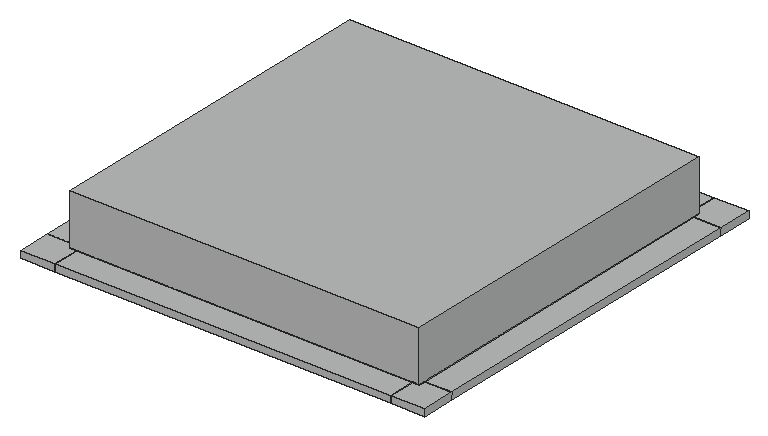
Revit family "ALUMOGIPS", category Осветительные приборы, Revit 2019 (continued)
Types (72, lengths in mm): name | Файл фотометрической сетки | built-in parameter 1150105 | Lumens | built-in parameter 1150106 | built-in parameter 1150142 | Wattage | Emit from Rectangle Width | Emit from Rectangle Length | Длина | Материал светильника | Ширина | ADSK_Ток | ADSK_Полная мощность | ADSK_Обозначение | ADSK_Номинальная мощность | ADSK_Наименование | ADSK_Масса | ADSK_Код изделия
  Alumogips-50/opal-sand 610х610 (IP54, 4000К, серый, грильято) | "Светильник ALUMOGIPS-50 OPAL-SAND-(610x610).IES" | 405.85 (stored number, unit not read) | 5100 lm | 4.0585 (stored number, unit not read) | "IESNA:LM-63-95\r\n[TEST] Протокол № 50-14\r\n[DATA] 15.06.2016\r\n[MORE] \r\n[MANUFAC] ЗАО \"Центрстройсвет\"\r\n[LUMCAT]  Светильник ALUMOGIPS-50/OPAL-SAND-(610x610)\r\n[LUMINAIRE]\r\n[LAMPCAT] Светодиоды\r\n[LAMP] Поток источника света (светодиодов) не известен\r\n[MORE] КСС приведена в абсолютных величинах кд\r\n[MORE] Вместо потока лампы, указан поток светильника.\r\nTILT=NONE\r\n1    5060 1.0 37 73 1 2 0.61 0.61 0.04\r\n1.0 1.0 50.3\r\n0.0 5.0 10.0 15.0 20.0 25.0 30.0 35.0 40.0 45.0 50.0 55.0 60.0 65.0 70.0 75.0 80.0 85.0 90.0 95.0 100.0 105.0 110.0 115.0 120.0 125.0 130.0 135.0 140.0 145.0 150.0 155.0 160.0 165.0 170.0 175.0 180.0\r\n0.0 5.0 10.0 15.0 20.0 25.0 30.0 35.0 40.0 45.0 50.0 55.0 60.0 65.0 70.0 75.0 80.0 85.0 90.0 95.0 100.0 105.0 110.0 115.0 120.0 125.0 130.0 135.0 140.0 145.0 150.0 155.0 160.0 165.0 170.0 175.0 180.0 185.0 190.0 195.0 200.0 205.0 210.0 215.0 220.0 225.0 230.0 235.0 240.0 245.0 250.0 255.0 260.0 265.0 270.0 275.0 280.0 285.0 290.0 295.0 300.0 305.0 310.0 315.0 320.0 325.0 330.0 335.0 340.0 345.0 350.0 355.0 360.0\r\n1887.5 1882.3 1843.4 1792.0 1724.0 1631.5 1531.1 1419.3 1293.7 1161.5 1026.7 886.8 740.0 595.0 455.2 319.9 194.6 81.1 4.9 0.0 0.0 0.0 0.0 0.0 0.0 0.0 0.0 0.0 0.0 0.0 0.0 0.0 0.0 0.0 0.0 0.0 0.0\r\n1887.5 1882.9 1846.0 1797.8 1725.1 1630.8 1538.9 1418.0 1289.1 1162.9 1024.5 883.4 740.5 598.7 455.8 320.4 195.7 82.0 5.0 0.0 0.0 0.0 0.0 0.0 0.0 0.0 0.0 0.0 0.0 0.0 0.0 0.0 0.0 0.0 0.0 0.0 0.0\r\n1887.5 1884.1 1849.8 1793.9 1724.1 1633.5 1538.1 1421.4 1298.2 1165.1 1027.4 885.2 742.6 599.8 457.4 322.3 197.1 83.7 5.4 0.0 0.0 0.0 0.0 0.0 0.0 0.0 0.0 0.0 0.0 0.0 0.0 0.0 0.0 0.0 0.0 0.0 0.0\r\n1887.5 1885.6 1850.0 1796.3 1725.8 1632.2 1533.7 1422.0 1295.8 1167.8 1030.8 886.1 743.6 597.9 459.5 322.2 196.9 83.7 5.4 0.0 0.0 0.0 0.0 0.0 0.0 0.0 0.0 0.0 0.0 0.0 0.0 0.0 0.0 0.0 0.0 0.0 0.0\r\n1887.5 1886.5 1849.9 1795.8 1721.4 1639.6 1534.8 1418.0 1296.4 1168.3 1027.2 886.6 744.0 600.2 457.7 323.1 197.0 84.2 5.3 0.0 0.0 0.0 0.0 0.0 0.0 0.0 0.0 0.0 0.0 0.0 0.0 0.0 0.0 0.0 0.0 0.0 0.0\r\n1887.5 1885.6 1848.0 1795.1 1728.2 1636.1 1537.7 1424.4 1296.7 1163.9 1028.1 885.4 746.1 599.2 456.9 323.0 198.1 84.6 6.1 0.0 0.0 0.0 0.0 0.0 0.0 0.0 0.0 0.0 0.0 0.0 0.0 0.0 0.0 0.0 0.0 0.0 0.0\r\n1887.5 1884.2 1849.8 1792.9 1722.3 1637.3 1537.3 1423.8 1299.0 1162.9 1028.1 889.2 746.4 599.2 458.6 325.2 198.7 85.0 6.5 0.0 0.0 0.0 0.0 0.0 0.0 0.0 0.0 0.0 0.0 0.0 0.0 0.0 0.0 0.0 0.0 0.0 0.0\r\n1887.5 1884.0 1850.9 1800.1 1725.4 1633.0 1534.3 1421.2 1294.0 1160.9 1028.3 886.0 747.4 600.7 459.7 325.6 199.2 86.0 6.2 0.0 0.0 0.0 0.0 0.0 0.0 0.0 0.0 0.0 0.0 0.0 0.0 0.0 0.0 0.0 0.0 0.0 0.0\r\n1887.5 1884.0 1850.4 1799.2 1722.9 1634.9 1528.6 1423.0 1298.2 1162.3 1032.0 888.7 743.9 600.7 461.8 326.2 199.2 86.6 6.1 0.0 0.0 0.0 0.0 0.0 0.0 0.0 0.0 0.0 0.0 0.0 0.0 0.0 0.0 0.0 0.0 0.0 0.0\r\n1887.5 1883.3 1848.8 1801.0 1723.6 1638.0 1538.5 1425.1 1297.5 1166.1 1029.5 886.1 746.3 605.4 461.8 326.3 201.2 87.0 6.2 0.0 0.0 0.0 0.0 0.0 0.0 0.0 0.0 0.0 0.0 0.0 0.0 0.0 0.0 0.0 0.0 0.0 0.0\r\n1887.5 1883.3 1850.6 1797.3 1725.8 1637.1 1533.1 1417.5 1298.3 1167.1 1027.2 888.0 746.2 603.2 463.6 327.0 201.7 88.1 6.5 0.0 0.0 0.0 0.0 0.0 0.0 0.0 0.0 0.0 0.0 0.0 0.0 0.0 0.0 0.0 0.0 0.0 0.0\r\n1887.5 1883.7 1849.0 1797.7 1720.9 1638.5 1535.3 1424.4 1299.6 1168.5 1035.4 889.6 749.8 603.4 465.3 328.4 201.8 88.8 7.0 0.0 0.0 0.0 0.0 0.0 0.0 0.0 0.0 0.0 0.0 0.0 0.0 0.0 0.0 0.0 0.0 0.0 0.0\r\n1887.5 1883.1 1852.7 1797.3 1728.6 1639.3 1538.4 1423.7 1303.2 1168.1 1029.2 892.4 748.1 605.8 464.0 329.6 202.9 89.8 7.0 0.0 0.0 0.0 0.0 0.0 0.0 0.0 0.0 0.0 0.0 0.0 0.0 0.0 0.0 0.0 0.0 0.0 0.0\r\n1887.5 1881.9 1853.7 1798.9 1724.8 1637.5 1543.5 1423.8 1299.9 1170.3 1024.3 891.2 751.8 607.8 466.0 330.6 204.5 90.0 7.3 0.0 0.0 0.0 0.0 0.0 0.0 0.0 0.0 0.0 0.0 0.0 0.0 0.0 0.0 0.0 0.0 0.0 0.0\r\n1887.5 1881.8 1854.7 1797.4 1729.6 1638.4 1538.7 1420.0 1302.3 1168.1 1034.9 892.9 749.2 609.3 467.3 330.5 205.3 90.4 7.7 0.0 0.0 0.0 0.0 0.0 0.0 0.0 0.0 0.0 0.0 0.0 0.0 0.0 0.0 0.0 0.0 0.0 0.0\r\n1887.5 1882.8 1852.5 1798.1 1725.4 1641.5 1535.9 1424.2 1305.0 1168.3 1036.9 895.1 752.7 610.0 468.0 330.8 206.4 91.1 7.9 0.0 0.0 0.0 0.0 0.0 0.0 0.0 0.0 0.0 0.0 0.0 0.0 0.0 0.0 0.0 0.0 0.0 0.0\r\n1887.5 1883.6 1853.4 1797.0 1722.9 1639.1 1537.8 1429.0 1302.2 1172.5 1035.6 896.5 751.3 608.9 469.2 331.4 207.3 92.2 8.2 0.0 0.0 0.0 0.0 0.0 0.0 0.0 0.0 0.0 0.0 0.0 0.0 0.0 0.0 0.0 0.0 0.0 0.0\r\n1887.5 1883.6 1850.7 1797.3 1726.9 1643.9 1542.2 1421.1 1302.3 1173.9 1036.7 893.3 752.7 610.7 470.3 331.8 207.5 92.8 8.4 0.0 0.0 0.0 0.0 0.0 0.0 0.0 0.0 0.0 0.0 0.0 0.0 0.0 0.0 0.0 0.0 0.0 0.0\r\n1887.5 1883.8 1850.5 1796.3 1728.7 1637.1 1539.6 1426.0 1310.2 1175.1 1036.5 895.8 754.0 609.7 469.6 332.7 208.2 93.1 8.5 0.0 0.0 0.0 0.0 0.0 0.0 0.0 0.0 0.0 0.0 0.0 0.0 0.0 0.0 0.0 0.0 0.0 0.0\r\n1887.5 1884.5 1848.7 1798.4 1728.4 1643.0 1541.1 1424.4 1306.1 1175.6 1035.2 895.7 753.2 610.0 470.1 333.6 209.0 93.8 8.7 0.0 0.0 0.0 0.0 0.0 0.0 0.0 0.0 0.0 0.0 0.0 0.0 0.0 0.0 0.0 0.0 0.0 0.0\r\n1887.5 1885.1 1846.5 1798.1 1728.3 1640.7 1538.4 1422.5 1302.2 1173.0 1035.2 900.5 754.9 610.9 470.6 333.2 208.6 94.1 8.3 0.0 0.0 0.0 0.0 0.0 0.0 0.0 0.0 0.0 0.0 0.0 0.0 0.0 0.0 0.0 0.0 0.0 0.0\r\n1887.5 1884.8 1851.0 1798.1 1730.2 1643.2 1541.6 1426.4 1303.3 1176.2 1035.7 896.2 754.5 612.8 472.6 334.1 209.1 94.5 8.3 0.0 0.0 0.0 0.0 0.0 0.0 0.0 0.0 0.0 0.0 0.0 0.0 0.0 0.0 0.0 0.0 0.0 0.0\r\n1887.5 1884.2 1851.7 1798.5 1729.5 1639.1 1536.0 1425.2 1302.7 1175.5 1036.5 898.0 758.2 612.7 468.9 335.3 208.8 94.8 9.1 0.0 0.0 0.0 0.0 0.0 0.0 0.0 0.0 0.0 0.0 0.0 0.0 0.0 0.0 0.0 0.0 0.0 0.0\r\n1887.5 1883.1 1853.9 1797.7 1724.9 1639.7 1541.8 1430.1 1304.9 1168.5 1037.8 897.4 754.1 610.4 472.0 334.6 209.1 95.3 8.8 0.0 0.0 0.0 0.0 0.0 0.0 0.0 0.0 0.0 0.0 0.0 0.0 0.0 0.0 0.0 0.0 0.0 0.0\r\n1887.5 1881.5 1850.2 1795.2 1729.7 1647.3 1540.3 1425.3 1308.1 1174.1 1040.2 896.3 755.4 612.5 470.5 335.6 209.7 95.4 8.7 0.0 0.0 0.0 0.0 0.0 0.0 0.0 0.0 0.0 0.0 0.0 0.0 0.0 0.0 0.0 0.0 0.0 0.0\r\n1887.5 1880.4 1847.4 1795.8 1726.1 1638.7 1541.7 1429.3 1302.6 1175.9 1038.5 897.9 751.3 611.6 471.1 335.6 209.6 95.3 9.2 0.0 0.0 0.0 0.0 0.0 0.0 0.0 0.0 0.0 0.0 0.0 0.0 0.0 0.0 0.0 0.0 0.0 0.0\r\n1887.5 1880.0 1850.3 1797.1 1726.4 1643.3 1536.0 1421.3 1303.6 1171.4 1038.6 895.9 755.7 612.4 470.9 336.2 208.7 95.8 9.1 0.0 0.0 0.0 0.0 0.0 0.0 0.0 0.0 0.0 0.0 0.0 0.0 0.0 0.0 0.0 0.0 0.0 0.0\r\n1887.5 1879.1 1850.7 1799.2 1725.1 1639.6 1536.4 1428.4 1302.2 1172.1 1033.4 895.3 754.1 612.8 470.7 335.5 209.1 96.7 9.0 0.0 0.0 0.0 0.0 0.0 0.0 0.0 0.0 0.0 0.0 0.0 0.0 0.0 0.0 0.0 0.0 0.0 0.0\r\n1887.5 1876.9 1845.6 1794.8 1724.8 1637.8 1537.7 1427.7 1305.4 1174.0 1036.9 896.0 755.2 613.5 471.4 337.3 209.9 96.1 9.4 0.0 0.0 0.0 0.0 0.0 0.0 0.0 0.0 0.0 0.0 0.0 0.0 0.0 0.0 0.0 0.0 0.0 0.0\r\n1887.5 1874.8 1849.0 1796.1 1725.5 1644.7 1539.3 1422.3 1296.7 1172.6 1036.6 895.8 752.9 610.2 470.9 336.1 209.8 95.5 9.5 0.0 0.0 0.0 0.0 0.0 0.0 0.0 0.0 0.0 0.0 0.0 0.0 0.0 0.0 0.0 0.0 0.0 0.0\r\n1887.5 1874.3 1850.7 1796.1 1722.3 1643.7 1535.4 1426.2 1297.3 1169.2 1033.9 896.5 756.1 608.4 469.6 336.8 208.8 95.7 9.0 0.0 0.0 0.0 0.0 0.0 0.0 0.0 0.0 0.0 0.0 0.0 0.0 0.0 0.0 0.0 0.0 0.0 0.0\r\n1887.5 1875.0 1847.6 1795.2 1726.0 1637.4 1538.8 1422.8 1302.3 1167.3 1031.4 892.2 753.9 609.3 470.2 335.4 209.4 95.6 9.2 0.0 0.0 0.0 0.0 0.0 0.0 0.0 0.0 0.0 0.0 0.0 0.0 0.0 0.0 0.0 0.0 0.0 0.0\r\n1887.5 1876.2 1846.7 1797.0 1722.9 1632.1 1531.8 1428.4 1297.9 1173.0 1032.8 893.5 750.3 609.2 468.7 334.5 208.8 95.2 9.5 0.0 0.0 0.0 0.0 0.0 0.0 0.0 0.0 0.0 0.0 0.0 0.0 0.0 0.0 0.0 0.0 0.0 0.0\r\n1887.5 1877.0 1845.0 1799.0 1728.3 1642.0 1532.1 1422.0 1297.5 1176.2 1034.8 896.4 752.7 609.9 470.0 333.7 209.6 95.2 9.1 0.0 0.0 0.0 0.0 0.0 0.0 0.0 0.0 0.0 0.0 0.0 0.0 0.0 0.0 0.0 0.0 0.0 0.0\r\n1887.5 1876.9 1842.6 1790.6 1724.9 1639.4 1536.1 1422.9 1304.1 1169.6 1035.5 895.3 751.4 609.1 469.0 332.6 209.1 95.1 9.2 0.0 0.0 0.0 0.0 0.0 0.0 0.0 0.0 0.0 0.0 0.0 0.0 0.0 0.0 0.0 0.0 0.0 0.0\r\n1887.5 1875.7 1845.4 1794.6 1719.6 1634.8 1535.6 1422.6 1301.8 1167.1 1036.6 892.0 752.3 605.8 469.0 332.7 209.1 93.9 9.3 0.0 0.0 0.0 0.0 0.0 0.0 0.0 0.0 0.0 0.0 0.0 0.0 0.0 0.0 0.0 0.0 0.0 0.0\r\n1887.5 1874.6 1846.6 1791.0 1719.4 1631.6 1534.3 1422.3 1303.5 1171.6 1032.3 893.0 750.0 606.5 467.5 330.0 206.4 92.9 8.4 0.0 0.0 0.0 0.0 0.0 0.0 0.0 0.0 0.0 0.0 0.0 0.0 0.0 0.0 0.0 0.0 0.0 0.0\r\n1887.5 1874.0 1843.1 1789.6 1720.6 1639.4 1534.3 1424.0 1300.8 1168.1 1030.2 892.1 748.2 609.2 467.1 330.4 206.0 92.1 7.9 0.0 0.0 0.0 0.0 0.0 0.0 0.0 0.0 0.0 0.0 0.0 0.0 0.0 0.0 0.0 0.0 0.0 0.0\r\n1887.5 1873.5 1842.4 1792.6 1720.8 1633.5 1535.7 1423.0 1296.8 1165.4 1028.6 890.9 749.2 606.9 466.1 329.8 204.3 90.7 7.8 0.0 0.0 0.0 0.0 0.0 0.0 0.0 0.0 0.0 0.0 0.0 0.0 0.0 0.0 0.0 0.0 0.0 0.0\r\n1887.5 1872.5 1843.5 1792.8 1719.4 1633.2 1530.8 1420.9 1295.9 1169.4 1030.4 892.0 748.4 604.3 464.0 329.4 203.7 91.1 7.3 0.0 0.0 0.0 0.0 0.0 0.0 0.0 0.0 0.0 0.0 0.0 0.0 0.0 0.0 0.0 0.0 0.0 0.0\r\n1887.5 1871.5 1840.6 1788.3 1723.9 1633.4 1533.4 1417.1 1296.6 1165.6 1026.8 888.1 749.6 603.5 465.6 328.3 203.4 90.8 6.9 0.0 0.0 0.0 0.0 0.0 0.0 0.0 0.0 0.0 0.0 0.0 0.0 0.0 0.0 0.0 0.0 0.0 0.0\r\n1887.5 1871.7 1837.5 1793.8 1715.8 1634.9 1538.0 1424.6 1298.1 1167.0 1028.0 888.7 747.9 603.5 465.2 327.9 201.8 90.2 7.0 0.0 0.0 0.0 0.0 0.0 0.0 0.0 0.0 0.0 0.0 0.0 0.0 0.0 0.0 0.0 0.0 0.0 0.0\r\n1887.5 1872.9 1840.2 1791.1 1722.4 1635.7 1532.7 1420.2 1295.0 1159.5 1029.1 888.4 746.9 600.5 462.3 328.7 201.0 90.1 6.9 0.0 0.0 0.0 0.0 0.0 0.0 0.0 0.0 0.0 0.0 0.0 0.0 0.0 0.0 0.0 0.0 0.0 0.0\r\n1887.5 1873.3 1840.5 1789.1 1721.5 1635.7 1530.6 1419.0 1297.0 1164.6 1027.8 889.2 744.1 604.1 463.3 327.1 201.1 89.2 6.4 0.0 0.0 0.0 0.0 0.0 0.0 0.0 0.0 0.0 0.0 0.0 0.0 0.0 0.0 0.0 0.0 0.0 0.0\r\n1887.5 1872.9 1835.7 1788.5 1722.3 1636.7 1534.0 1423.0 1296.7 1161.9 1026.4 886.9 745.3 601.5 461.8 326.2 200.5 88.4 6.3 0.0 0.0 0.0 0.0 0.0 0.0 0.0 0.0 0.0 0.0 0.0 0.0 0.0 0.0 0.0 0.0 0.0 0.0\r\n1887.5 1872.6 1838.3 1791.1 1724.9 1630.4 1531.8 1419.7 1295.3 1168.5 1027.5 880.9 745.5 601.1 461.5 326.5 199.4 87.5 6.3 0.0 0.0 0.0 0.0 0.0 0.0 0.0 0.0 0.0 0.0 0.0 0.0 0.0 0.0 0.0 0.0 0.0 0.0\r\n1887.5 1872.8 1840.3 1789.2 1719.5 1633.6 1532.6 1417.6 1294.5 1165.4 1020.8 885.7 745.3 602.2 460.4 324.3 199.3 87.3 6.1 0.0 0.0 0.0 0.1 0.2 0.0 0.0 0.0 0.0 0.0 0.0 0.0 0.0 0.0 0.0 0.0 0.0 0.0\r\n1887.5 1873.5 1838.6 1790.7 1722.3 1630.8 1530.5 1417.1 1295.0 1167.0 1025.9 884.6 740.9 599.5 459.4 323.2 199.3 86.7 5.7 0.0 0.0 0.0 0.2 0.4 0.0 0.0 0.0 0.0 0.0 0.0 0.0 0.0 0.0 0.0 0.0 0.0 0.0\r\n1887.5 1874.2 1837.3 1789.5 1719.1 1630.4 1533.5 1417.9 1293.0 1161.5 1026.6 886.5 743.5 600.4 460.1 323.6 198.7 86.1 5.9 0.0 0.0 0.0 0.4 0.6 0.0 0.0 0.0 0.0 0.0 0.0 0.0 0.0 0.0 0.0 0.0 0.0 0.0\r\n1887.5 1874.2 1840.2 1789.0 1715.5 1634.9 1530.0 1416.2 1292.8 1158.2 1025.3 884.7 740.5 599.4 458.3 323.4 197.9 85.3 5.9 0.0 0.0 0.0 0.4 0.9 0.0 0.0 0.0 0.0 0.1 0.0 0.0 0.0 0.0 0.0 0.0 0.0 0.0\r\n1887.5 1873.3 1839.1 1789.1 1718.1 1638.7 1537.0 1412.2 1291.9 1164.4 1026.0 883.3 742.8 598.7 456.7 321.5 197.8 84.6 5.7 0.0 0.0 0.0 0.2 0.8 0.0 0.0 0.0 0.0 0.1 0.0 0.0 0.0 0.0 0.0 0.0 0.0 0.0\r\n1887.5 1872.3 1839.4 1787.8 1714.0 1633.5 1527.1 1417.7 1293.5 1164.9 1025.5 883.9 738.3 599.4 457.0 320.6 197.3 83.5 5.9 0.0 0.0 0.0 0.0 0.1 0.2 0.0 0.0 0.0 0.1 0.0 0.0 0.0 0.0 0.0 0.0 0.0 0.0\r\n1887.5 1871.5 1840.6 1789.0 1716.8 1627.7 1530.9 1417.4 1291.4 1158.2 1021.7 888.3 739.3 596.4 457.7 320.6 196.6 83.1 5.8 0.0 0.0 0.0 0.0 0.0 0.0 0.0 0.0 0.0 0.1 0.0 0.0 0.0 0.0 0.0 0.0 0.0 0.0\r\n1887.5 1871.2 1839.5 1788.7 1714.7 1630.8 1533.3 1417.2 1290.6 1154.1 1021.7 884.9 739.3 596.6 457.4 319.4 195.8 83.0 5.3 0.0 0.0 0.0 0.0 0.0 0.0 0.0 0.0 0.0 0.1 0.0 0.0 0.0 0.0 0.0 0.0 0.0 0.0\r\n1887.5 1871.6 1839.7 1787.9 1720.6 1630.8 1533.9 1416.2 1290.9 1158.9 1021.9 880.6 741.2 596.3 457.0 320.0 195.2 82.5 4.7 0.0 0.0 0.0 0.0 0.0 0.0 0.0 0.0 0.0 0.1 0.0 0.0 0.0 0.0 0.0 0.0 0.0 0.0\r\n1887.5 1872.3 1838.1 1789.3 1712.9 1625.9 1525.4 1417.2 1291.8 1157.6 1020.0 883.4 740.0 594.9 454.8 318.6 194.2 81.9 4.7 0.0 0.0 0.0 0.0 0.0 0.0 0.0 0.0 0.0 0.1 0.0 0.0 0.0 0.0 0.0 0.0 0.0 0.0\r\n1887.5 1872.7 1839.6 1789.3 1718.6 1629.9 1525.5 1419.8 1293.5 1154.0 1020.1 878.8 736.9 593.7 456.1 318.4 193.6 81.4 4.3 0.0 0.0 0.0 0.0 0.0 0.0 0.0 0.0 0.0 0.1 0.0 0.0 0.0 0.0 0.0 0.0 0.0 0.0\r\n1887.5 1873.0 1840.9 1790.2 1716.4 1630.3 1526.9 1414.6 1285.9 1157.6 1025.3 882.6 736.3 594.0 453.5 317.4 193.8 80.8 3.8 0.0 0.0 0.0 0.0 0.0 0.0 0.0 0.0 0.0 0.1 0.0 0.0 0.0 0.0 0.0 0.0 0.0 0.0\r\n1887.5 1873.5 1841.2 1787.5 1718.4 1634.0 1528.6 1409.6 1285.8 1155.5 1025.3 876.4 735.1 594.3 453.7 316.4 192.5 80.5 4.0 0.0 0.0 0.0 0.0 0.0 0.0 0.0 0.0 0.0 0.1 0.0 0.0 0.0 0.0 0.0 0.0 0.0 0.0\r\n1887.5 1873.9 1841.6 1790.0 1717.7 1629.1 1528.0 1409.8 1288.0 1151.6 1019.8 875.9 736.5 592.3 451.8 318.0 191.7 80.2 4.0 0.0 0.0 0.0 0.0 0.0 0.0 0.0 0.0 0.0 0.0 0.0 0.0 0.0 0.0 0.0 0.0 0.0 0.0\r\n1887.5 1874.1 1841.0 1789.7 1717.2 1630.1 1529.9 1419.7 1290.4 1156.3 1022.8 880.3 733.7 593.5 452.4 316.0 191.3 79.4 3.9 0.0 0.0 0.0 0.0 0.0 0.0 0.0 0.0 0.0 0.0 0.0 0.0 0.0 0.0 0.0 0.0 0.0 0.0\r\n1887.5 1874.1 1840.2 1785.0 1714.5 1629.4 1527.7 1411.7 1290.1 1153.6 1017.8 879.3 733.8 592.9 451.3 315.7 191.7 79.2 4.4 0.0 0.0 0.0 0.0 0.0 0.0 0.0 0.0 0.0 0.0 0.0 0.0 0.0 0.0 0.0 0.0 0.0 0.0\r\n1887.5 1873.8 1839.2 1790.0 1722.6 1631.3 1526.9 1414.1 1288.6 1158.0 1021.7 880.4 735.8 589.7 453.5 315.5 191.2 78.9 4.5 0.0 0.0 0.0 0.0 0.0 0.0 0.0 0.0 0.0 0.0 0.0 0.0 0.0 0.0 0.0 0.0 0.0 0.0\r\n1887.5 1874.4 1838.4 1789.0 1718.1 1628.9 1522.6 1413.3 1284.8 1161.1 1020.5 878.5 734.8 593.7 450.4 316.4 190.5 79.1 4.3 0.0 0.0 0.0 0.0 0.0 0.0 0.0 0.0 0.0 0.0 0.0 0.0 0.0 0.0 0.0 0.0 0.0 0.0\r\n1887.5 1876.6 1839.3 1788.5 1718.4 1632.2 1524.7 1416.3 1290.0 1154.1 1020.6 876.5 736.6 594.2 448.6 316.5 189.8 78.5 4.1 0.0 0.0 0.0 0.0 0.0 0.0 0.0 0.0 0.0 0.0 0.0 0.0 0.0 0.0 0.0 0.0 0.0 0.0\r\n1887.5 1878.7 1842.1 1786.9 1714.7 1629.1 1527.4 1410.5 1293.4 1160.9 1018.3 878.4 735.0 594.0 451.4 313.5 190.7 78.3 3.7 0.0 0.0 0.0 0.0 0.0 0.0 0.0 0.0 0.0 0.0 0.0 0.0 0.0 0.0 0.0 0.0 0.0 0.0\r\n1887.5 1879.5 1841.9 1788.6 1717.1 1632.6 1529.5 1414.0 1286.1 1155.2 1023.1 878.2 734.9 591.7 452.9 315.4 190.4 78.3 3.4 0.0 0.0 0.0 0.0 0.0 0.0 0.0 0.0 0.0 0.0 0.0 0.0 0.0 0.0 0.0 0.0 0.0 0.0\r\n1887.5 1879.6 1839.7 1792.9 1715.8 1629.7 1529.6 1414.5 1293.2 1154.7 1019.1 880.1 734.7 589.5 450.3 315.4 190.2 78.5 3.7 0.0 0.0 0.0 0.0 0.0 0.0 0.0 0.0 0.0 0.0 0.0 0.0 0.0 0.0 0.0 0.0 0.0 0.0\r\n1887.5 1880.2 1841.8 1793.1 1721.7 1625.7 1529.1 1413.3 1291.5 1156.5 1017.9 882.6 737.0 593.8 452.9 315.8 189.7 78.7 3.6 0.0 0.0 0.0 0.0 0.0 0.0 0.0 0.0 0.0 0.0 0.0 0.0 0.0 0.0 0.0 0.0 0.0 0.0\r\n1887.5 1881.1 1842.4 1785.9 1716.3 1632.5 1528.4 1410.2 1289.5 1156.3 1018.9 875.2 736.4 595.3 452.5 315.3 191.0 79.0 3.5 0.0 0.0 0.0 0.0 0.0 0.0 0.0 0.0 0.0 0.0 0.0 0.0 0.0 0.0 0.0 0.0 0.0 0.0\r\n1887.5 1881.7 1845.0 1794.4 1714.9 1633.8 1528.0 1412.9 1290.1 1152.0 1023.1 875.3 736.1 593.0 453.1 316.0 191.8 79.6 3.9 0.0 0.0 0.0 0.0 0.0 0.0 0.0 0.0 0.0 0.0 0.0 0.0 0.0 0.0 0.0 0.0 0.0 0.0\r\n1887.5 1882.0 1844.3 1789.1 1721.3 1636.2 1528.4 1415.3 1289.9 1160.9 1019.9 882.0 736.6 593.6 453.1 317.2 192.7 80.3 4.5 0.0 0.0 0.0 0.0 0.0 0.0 0.0 0.0 0.0 0.0 0.0 0.0 0.0 0.0 0.0 0.0 0.0 0.0\r\n1887.5 1882.3 1843.4 1792.0 1724.0 1631.5 1531.1 1419.3 1293.7 1161.5 1026.7 886.8 740.0 595.0 455.2 319.9 194.6 81.1 4.9 0.0 0.0 0.0 0.0 0.0 0.0 0.0 0.0 0.0 0.0 0.0 0.0 0.0 0.0 0.0 0.0 0.0 0.0\r\n" | 34.3337 W | 590 | 590 | 610 | RAL 9006 | 610 | 0.236295 A | 54.3478 VA | "Alumogips-50/opal-sand 610х610 (IP54, 4000К, серый, грильято)" | 50 W | "Встраи
    ваемый светодиодный светильник Alumogips-50/opal-sand 610х610 (IP54, 4000К, серый, грильято)" | 2.5 | "ЦБ000007837"
